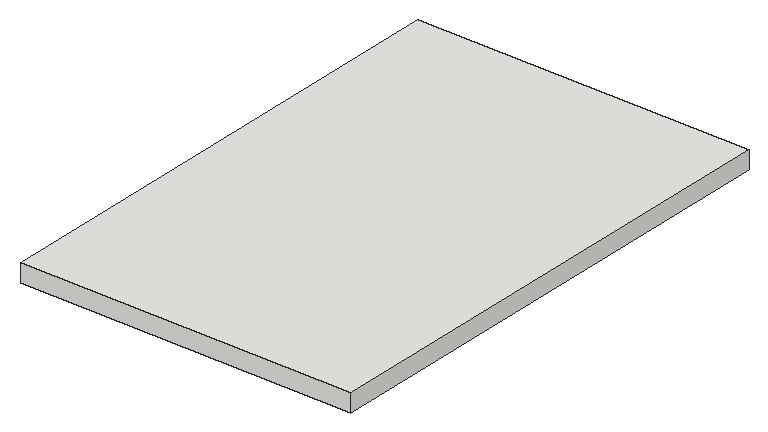
Revit family "SURVIVOR160xxx-DB", category Leuchten, Revit 2020
Family settings
  Basisbauteil = Fläche
  Bemaßung runder Anschluss = Durchmesser verwenden
  Teiletyp = Normal
  OmniClass-Nummer = 23.80.70.11
  OmniClass-Titel = Luminaries for Internal Lighting
  Beim Laden mit Abzugskörper schneiden = Nein
  Lichtquelle = Ja
  Gemeinsam genutzt = Nein
  Raumberechnungspunkt = Nein
Parameters (values of type "SURVIVOR160NDWS840S0650-DB")
  width = 240 mm  # constant formula
  weight = "13.2 kg"  # constant formula
  voltage type (AC, DC, UC) = "AC"
  rated input power = 44
  product name = "SURVIVOR160NDWS840S0650-DB"
  nominal voltage = "230"
  nominal frequency = "50-60Hz"
  length = 1600 mm  # constant formula
  ingress protection (IP) code = "IP65"
  height = 73 mm  # constant formula
  electrical safety class = "1"
  control gear = ""
  conformity mark = "CE"  # constant formula
  brand = "RIDI"
  approval mark = ""
  built-in parameter 1150104 = 13.8 (stored number, unit not read)
  Wattage = 44.4319 W
  Von Breite des Rechtecks ausssenden = 1528 mm
  Von Länge des Rechtecks aussenden = 172 mm  # constant formula
  Default Elevation = 0 mm
  built-in parameter 1150113 = 1 (stored number, unit not read)
  built-in parameter 1114218 = 1 (stored number, unit not read)
  URL = "www.ridi.de"
  built-in parameter 1150134 = 12
  built-in parameter 1150109 = 1 (stored number, unit not read)
  built-in parameter 1150110 = 1 (stored number, unit not read)
  Apparent Load = 44 VA
  Tilt Angle = 90.00°
  Modell = "6068005//420"
  built-in parameter 1114217 = 1 (stored number, unit not read)
  built-in parameter 1150139 = (empty or 0)
  built-in parameter 1150105 = 2442.1 (stored number, unit not read)
  built-in parameter 1150114 = 1 (stored number, unit not read)
  Lumens = 6600 lm
  built-in parameter 1150115 = 1 (stored number, unit not read)
  built-in parameter 1150112 = 1 (stored number, unit not read)
  Lampe = "LED"
  Hersteller = "RIDI Leuchten GmbH"  # constant formula
  Dimming Lamp Color Temperature Shift = (empty or 0)
  Color Filter = 16777215
  built-in parameter 1150133 = 10 (stored number, unit not read)
  Emit Shape Visible in Rendering = no
  built-in parameter 1150137 = (empty or 0)
  built-in parameter 1150132 = 2
  Datei für fotometrisches Netz = "SURVIVOR_S.IES"
  Copyright = "© RIDI. All rights reserved."  # constant formula
  built-in parameter 1150106 = 24.421 (stored number, unit not read)
  Baugruppenkennzeichen = "D5020200"
  built-in parameter 1150107 = 4000 (stored number, unit not read)
  built-in parameter 1150102 = (empty or 0)
  built-in parameter 1150138 = (empty or 0)
Types (7, lengths in mm): name | rated input power | product name | Wattage | Apparent Load | Modell | built-in parameter 1150105 | Lumens | Datei für fotometrisches Netz | built-in parameter 1150106
  (no name) | 44 | "SURVIVOR160NDWS840S0650-DB" | 44.4319 W | 44 VA | "6068005//420" | 2442.1 (stored number, unit not read) | 6600 lm | "SURVIVOR_S.IES" | 24.421 (stored number, unit not read)
  SURVIVOR160NDWS840AS0650-DB | 44 | "SURVIVOR160NDWS840AS0650-DB" | 37.0939 W | 44 VA | "6068006//420" | 2121.8 (stored number, unit not read) | 5510 lm | "SURVIVOR_SAS.IES" | 21.218 (stored number, unit not read)
  SURVIVOR160NDWS840S0650-DB | 44 | "SURVIVOR160NDWS840S0650-DB" | 44.4319 W | 44 VA | "6068005//420" | 2442.1 (stored number, unit not read) | 6600 lm | "SURVIVOR_S.IES" | 24.421 (stored number, unit not read)
  SURVIVOR160DAWS840MPO0550-US | 44 | "SURVIVOR160DAWS840MPO0550-US" | 36.3534 W | 44 VA | "6068091" | 429.72 (stored number, unit not read) | 5400 lm | "SURVIVOR_MPO.IES" | 4.2972 (stored number, unit not read)
  SURVIVOR160DAWS840AS0650-US | 44 | "SURVIVOR160DAWS840AS0650-US" | 37.0939 W | 44 VA | "6068090" | 2121.8 (stored number, unit not read) | 5510 lm | "SURVIVOR_SAS.IES" | 21.218 (stored number, unit not read)
  SURVIVOR160NDWS840MPO0550-DB | 43 | "SURVIVOR160NDWS840MPO0550-DB" | 36.3534 W | 43 VA | "6068057" | 429.72 (stored number, unit not read) | 5400 lm | "SURVIVOR_MPO.IES" | 4.2972 (stored number, unit not read)
  SURVIVOR160DAWS840S0650-US | 44 | "SURVIVOR160DAWS840S0650-US" | 44.4319 W | 44 VA | "6068089" | 2442.1 (stored number, unit not read) | 6600 lm | "SURVIVOR_S.IES" | 24.421 (stored number, unit not read)
Reference planes
  plane 1 "Mitte (Vorne/hinten)": y = 0
  plane 2: z = 0
  plane 3 "Mitte (Links/rechts)": x = 0
  plane 4: z = 1600
Forms (mm)
  Extrusion 1, solid
    sketch origin (219.2, 280.8, 0) x (1, 0, 0) y (0, 1, 0)
      loop
        line (-1219.2, 1219.2) -> (-1219.2, -1780.8) -> (780.8, -1780.8) -> (780.8, 1219.2) -> (-1219.2, 1219.2)
    from 0 to -107.307
Dimensions and locks
  plane 4 to Extrusion 1 = 1600 mm
  locked: imposter light to import instance at 24
  aligned and locked: plane 2 to Extrusion 1
  aligned and locked: level to Extrusion 1
  aligned and locked: import instance to Extrusion 1
Connectors
  electrical at (53.526, -789.759, 2.275), driven by "Apparent Load"
    settings: on import instance, index 1, voltage 230 V, apparent load 0 VA, apparent load phase1 44 VA, apparent load phase2 0 VA, apparent load phase3 0 VA, power factor 1, load classification "Lighting", number of poles 1, system type 31, power factor state 1, is connector primary yes, connector utility no, sub classification motor no, connector description ""
